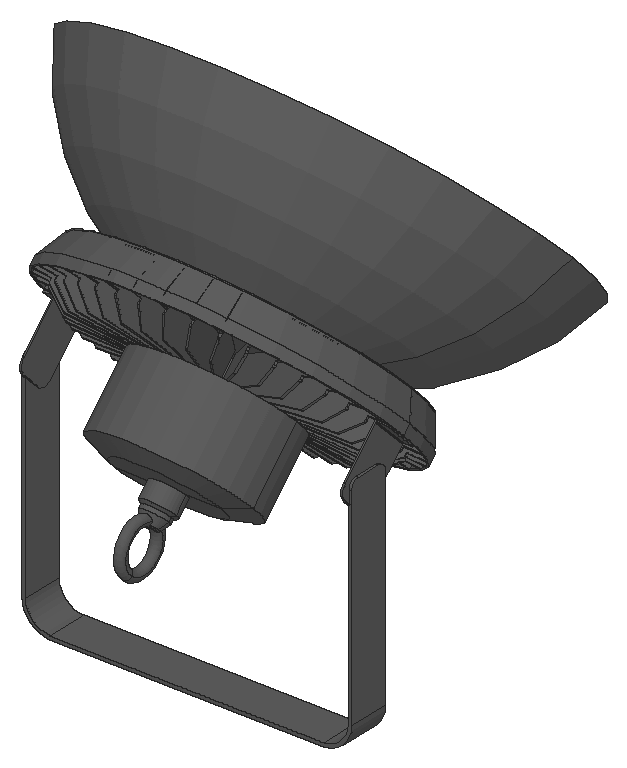
Revit family "0039363+0039354+0039357 Sylvania Lighting Fixture START HighBay IP65 DALI 19000lm 840 MB with BRACKET and ALU SHADE BLACK COLOR FOR 13 19KLM", category Lighting Fixtures, host Face, Revit 2016
Family settings
  Host = Face
  Part Type = Normal
  Round Connector Dimension = Use Diameter
  OmniClass Number = 23.80.70.00
  OmniClass Title = Lighting
  Cut with Voids When Loaded = No
  Light Source = No
  Shared = No
  Room Calculation Point = No
Parameters (values of type "0039363+0039354+0039357  START HighBay IP65 DALI 19000lm 840 MB with BRACKET and ALU SHADE BLACK COLOR FOR 13/19KLM")
  Weight = "3.4 kg"
  Wattage Comments = ""
  WarrantyStartDate [instance] = "n/a"
  WarrantyGuarantorParts = "n/a"
  WarrantyDurationUnit = "n/a"
  WarrantyDurationParts = "n/a"
  WarrantyDescription = "n/a"
  Voltage = 0 V
  URL = "http://www.sylvania-lighting.com"
  TypeName = "START HighBay IP65 DALI 19000lm 840 MB with BRACKET and ALU SHADE BLACK COLOR FOR 13/19KLM"
  TypeHead_FEILO = Start LED Highbay DALI Head : 0039363+0039354+0039357 START HighBay IP65 DALI 19000lm 840 MB with BRACKET and ALU SHADE BLACK COLOR FOR 13/19KLM
  Type Image = <None>
  Type Comments = "n/a"
  TiltAngle_FEILO [instance] = 45.00°
  ThicknessBracketPlate_FEILO = 3 mm
  SizeBracketS_FEILO = no
  SizeBracketM_FEILO = yes
  SerialNumber [instance] = "n/a"
  RadiusBracketTop_FEILO = 7 mm
  RadiusBendOut_FEILO = if(SizeBracketS_FEILO, 18 mm, if(SizeBracketM_FEILO, 24 mm, 28 mm))  # 24 mm
  RadiusBendIn_FEILO = RadiusBendOut_FEILO - ThicknessBracketPlate_FEILO  # 21 mm
  Material_3_FEILO = none
  PowerFactor = 0.95
  PowerConsumption = "150 W"
  NominalLength = 296 mm
  NominalHeight = 172 mm
  NominalDepth = 296 mm
  Name = "START HighBay IP65 DALI 19000lm 840 MB with BRACKET and ALU SHADE BLACK COLOR FOR 13/19KLM"
  ModelReference = Name  # "START HighBay IP65 DALI 19000lm 840 MB with BRACKET and ALU SHADE BLACK COLOR FOR 13/19KLM"
  ModelNumber = "0039363+0039354+0039357"
  Model = Name  # "START HighBay IP65 DALI 19000lm 840 MB with BRACKET and ALU SHADE BLACK COLOR FOR 13/19KLM"
  Material = "aluminium alloy housing, polycarbonate diffuser"
  ManufacturerName = "Feilo Sylvania"
  Manufacturer = "Feilo Sylvania"
  LuminousEfficacy = "130 lm/W"
  LuminaireType = ""
  LightOutputRatio = "n/a"
  LampsType = Lamp  # "LED"
  LampNominalLuminous = "19500 lm"
  LampMacAdamStep = "6"
  LampColourTemperature = "4000 K"
  LampColourRenderingIndex = "80"
  Lamp = "LED"
  Keynote = "16500"
  InstallationDate [instance] = "n/a"
  InputVoltage = "n/a"
  InputNominalFrequency = "50/60 Hz"
  IngressProtection = "IP65"
  ImpactProtectionIndex = "IK08"
  IfcExportType = "IfcLightFixtureType"
  IfcExportAs = "IfcLightFixtureType"
  ExpectedLife = 50000
  EndAngle_FEILO [instance] = TiltAngle_FEILO + 180.00°  # 225.00°
  ElectricShockClassification = "Class I"
  DurationUnit = "hours"
  DocumentationLiterature = "http://www.sylvania-lighting.com/product/en-int/products/0039363"
  DimmingControlOptions = "Dimmable"
  Material_2_FEILO = none
  Description = "START Highbay, includes 1 m cables, black aluminium housing, 19,500 Lm, 150 W, 130 Lm/W, 4000 K, drive current: 3300 mA, CRI 80, 60° beam angle, DALI dimmable, IP65, IK08, 50,000 hrs (L80/B50), (D x H) 296 x 172 mm."
  Default Elevation = 1219.2 mm
  CreatedOn = "5/15/2018"
  CreatedBy = "aron.fodor@sylvania-lighting.com"
  Cost = 0
  built-in parameter 1114216 [instance] = (empty or 0)
  ClassificationValue = "EF_70_80"
  ClassificationName = "Uniclass2015"
  Material_1_FEILO = Body-Sylvania-StartHighbay-Black
  BracketHeight_FEILO = if(SizeBracketS_FEILO, 199.5 mm, if(SizeBracketM_FEILO, 209.6 mm, 201.3 mm))  # 209.6 mm
  BracketDistanceInner_FEILO = if(SizeBracketS_FEILO, 249.4 mm, if(SizeBracketM_FEILO, 273.6 mm, 313.2 mm))  # 273.6 mm
  BarCode [instance] = "n/a"
  AssetType = "Fixed"
  AssetIdentifier [instance] = "n/a"
  Assembly Code = "D5020200"
  Apparent Load = 150 VA
  Material_4_FEILO = none
Reference planes
  plane 1 "Center (Front/Back)": y = 0
  plane 2: z = 0
  plane 3 "Center (Left/Right)": x = 0
  plane 4: x = -139.8
  plane 5: x = 139.8
  plane 6: z = 209.6
  plane 7: x = -136.8
  plane 8: z = 3
  plane 9: x = 136.8
  plane 10: y = 17.5
  plane 11: y = -17.5
  plane 12: y = -19.5
  plane 13: z = 211.6
  plane 14: y = 19.5
  plane 15: z = 200.6
Forms (mm)
  Extrusion 1, solid, material "Body-Sylvania-StartHighbay-Black" <- "Material_1_FEILO"
    sketch origin (0, 0, 0) x (1, 0, 0) y (0, 0, 1)
      loop
        line (-139.8, 209.6) -> (-139.8, 24)
        arc (-139.8, 24) -> (-132.771, 7.029) -> (-115.8, 0) r 24
        line (-115.8, 0) -> (115.8, 0)
        arc (115.8, 0) -> (132.771, 7.029) -> (139.8, 24) r 24
        line (139.8, 24) -> (139.8, 209.6) -> (136.8, 209.6) -> (136.8, 24)
        arc (136.8, 24) -> (130.649, 9.151) -> (115.8, 3) r 21
        line (115.8, 3) -> (-115.8, 3)
        arc (-115.8, 3) -> (-130.649, 9.151) -> (-136.8, 24) r 21
        line (-136.8, 24) -> (-136.8, 209.6) -> (-139.8, 209.6)
    from -17.5 to 17.5
  Extrusion 2, void
    sketch origin (0, 0, 0) x (0, 1, 0) y (0, 0, 1)
      loop
        arc (10.5, 209.6) -> (15.45, 207.55) -> (17.5, 202.6) r 7
        line (17.5, 202.6) -> (19.5, 202.6) -> (19.5, 211.6) -> (-19.5, 211.6) -> (-19.5, 202.6) -> (-17.5, 202.6)
        arc (-17.5, 202.6) -> (-15.45, 207.55) -> (-10.5, 209.6) r 7
        line (-10.5, 209.6) -> (10.5, 209.6)
    from -139.8 to 139.8
  Revolve 3, solid, not visible
    sketch origin (1223.4, -4572, 200.6) x (0, -1, 0) y (1, 0, 0)
      loop
        line (-4572, -1223.4) -> (-4591.5, -1223.4) -> (-4591.5, -1277.783) -> (-4572, -1277.783) -> (-4572, -1223.4)
      axis (-4572, -1223.4) -> (-4572, -1277.783)
    angle from 45 <- "TiltAngle_FEILO" to 225 <- "EndAngle_FEILO"
Cuts and joins
  Extrusion 2 cuts Extrusion 1
Dimensions and locks
  "BracketHeight_FEILO": plane 6 to plane 2
  equal spacing: plane 11, plane 1 "Center (Front/Back)", plane 10
  locked: plane 11 to plane 10 at 35
  equal spacing: plane 9, plane 3 "Center (Left/Right)", plane 7
  "BracketDistanceInner_FEILO": plane 9 to plane 7
  "ThicknessBracketPlate_FEILO": plane 7 to plane 4
  "ThicknessBracketPlate_FEILO": plane 8 to plane 2
  equal spacing: plane 5, plane 3 "Center (Left/Right)", plane 4
  equal spacing: plane 12, plane 1 "Center (Front/Back)", plane 14
  locked: plane 6 to plane 13 at 2
  locked: plane 12 to plane 11 at 2
  locked: plane 6 to plane 15 at 9
  "RadiusBendOut_FEILO": radius of Extrusion 1 sketch curve  (x2)
  "RadiusBendIn_FEILO": radius of Extrusion 1 sketch curve  (x2)
  "RadiusBracketTop_FEILO": radius of Extrusion 2 sketch curve  (x2)
  aligned and locked: plane 2 to host face
  aligned and locked: level to host face
  aligned and locked: Extrusion 1 sketch curve to plane 4
  aligned and locked: Extrusion 1 sketch curve to level
  aligned and locked: plane 6 to Extrusion 1 sketch curve
  aligned and locked: Extrusion 1 sketch curve to plane 6
  aligned and locked: Extrusion 1 sketch curve to plane 7
  aligned and locked: plane 9 to Extrusion 1 sketch curve
  aligned and locked: plane 8 to Extrusion 1 sketch curve
  aligned and locked: Extrusion 1 to plane 10
  aligned and locked: plane 11 to Extrusion 1
  aligned and locked: Extrusion 1 to Extrusion 2 sketch curve
  aligned and locked: plane 14 to Extrusion 2 sketch curve  (x2)
  aligned and locked: Extrusion 2 sketch curve to plane 12
  aligned and locked: plane 13 to Extrusion 2 sketch curve
  aligned and locked: plane 5 to Extrusion 2
  aligned and locked: Extrusion 2 to plane 4
  aligned and locked: Revolve 3 sketch curve to plane 1 "Center (Front/Back)"
  aligned and locked: Revolve 3 sketch curve to Revolve 3 sketch curve
  aligned and locked: plane 3 "Center (Left/Right)" to Revolve 3 sketch curve
  aligned and locked: Revolve 3 sketch curve to plane 14
  aligned and locked: nested 1 to plane 3 "Center (Left/Right)"
Automatic sketch dimensions
  host sketch curve to host sketch curve = 2438.4 mm  (x2)
  Revolve 3 sketch curve to Revolve 3 sketch curve = 54.383 mm
  Revolve 3 sketch curve to plane 4 = 1396.3 mm
  plane 5 to Revolve 3 sketch curve = 1396.3 mm
  Extrusion 1 sketch curve to Extrusion 1 sketch curve = 0 mm
  Extrusion 2 sketch curve to plane 11 = 0 mm
  Extrusion 2 sketch curve to plane 10 = 0 mm
Nested families
  nested 1: "Start LED Highbay DALI Head" at (0, 0, 200.6) x (-1, 0, 0) z (0, 0.7071, 0.7071), type <- "TypeHead_FEILO", type "0039363+0039354+0039357 START HighBay IP65 DALI 19000lm 840 MB with BRACKET and ALU SHADE BLACK COLOR FOR 13/19KLM"
    with built-in parameter 1114216 (empty or 0)
Connectors
  electrical at (0, 0, 0), driven by "Apparent Load", driven by "PowerFactor", driven by "Voltage"
    settings: index 1, voltage 0 V, apparent load 150 VA, apparent load phase1 0 VA, apparent load phase2 0 VA, apparent load phase3 0 VA, power factor 0.95, load classification "Lighting", number of poles 1, system type 30, power factor state 1, is connector primary yes, connector utility no, sub classification motor no, connector description ""
Definition of nested family "Start LED Highbay DALI Head"
  Parameters (values of type "0039367+0039355+0039361 START HighBay IP65 DALI 26000lm 840 WB with BRACKET and PC LAMPSHADE TRANSPARENT FOR 26KLM")
    X_FEILO = if(SizeS_FEILO, 60.3 mm, if(SizeM_FEILO, 70.4 mm, 83.5 mm))  # 83.5 mm
    WidthStraight_FEILO = if(SizeS_FEILO, 3 mm, if(SizeM_FEILO, 4 mm, 4.7 mm))  # 4.7 mm
    WidthRingChamfer_FEILO = if(SizeS_FEILO, 10.3 mm, if(SizeM_FEILO, 11.2 mm, 12.9 mm))  # 12.9 mm
    WidthCurved_FEILO = if(SizeS_FEILO, 17.4 mm, if(SizeM_FEILO, 16.4 mm, 26.2 mm))  # 26.2 mm
    WidthCurvedRing_FEILO = if(SizeS_FEILO, 3 mm, if(SizeM_FEILO, 4 mm, 4.7 mm))  # 4.7 mm
    WidthBracket_FEILO = 40 mm
    Wattage Comments = ""
    Wattage = 190 W
    built-in parameter 1150110 = 1 (stored number, unit not read)
    URL = "http://www.sylvania-lighting.com"
    Type Image = (empty or 0)
    Type Comments = "n/a"
    built-in parameter 1114217 = 1 (stored number, unit not read)
    Tilt Angle = -90.00°
    ThicknessWall_FEILO = 1.5 mm
    ThicknessBracket_FEILO = 1.5 mm
    ThicknessBracketHalf_FEILO = ThicknessBracket_FEILO / 2  # 0.75 mm
    built-in parameter 1150109 = 1 (stored number, unit not read)
    built-in parameter 1150134 = 1
    built-in parameter 1150113 = 1 (stored number, unit not read)
    SizeS_FEILO = no
    SizeM_FEILO = no
    ShadeThickness_FEILO = 3 mm
    ShadeSizeSM_FEILO = or(SizeS_FEILO, SizeM_FEILO)  # no
    ShadeRadiusOut_FEILO = 205 mm
    ShadeRadiusIn_FEILO = if(ShadeSizeSM_FEILO, 95 mm, 121 mm)  # 121 mm
    ShadeRadiusBend_FEILO = if(ShadeSizeSM_FEILO, 210 mm, 210 mm)  # 210 mm
    ShadeOn_FEILO = yes
    ShadeHeight_FEILO = if(ShadeSizeSM_FEILO, 120 mm, 151 mm)  # 151 mm
    Rib4_FEILO = if(SizeS_FEILO, 18.1 mm, if(SizeM_FEILO, 13.6 mm, 14.6 mm))  # 14.6 mm
    Rib3_FEILO = if(SizeS_FEILO, 15.3 mm, if(SizeM_FEILO, 17.6 mm, 20.2 mm))  # 20.2 mm
    Rib2_FEILO = if(SizeS_FEILO, 3.6 mm, if(SizeM_FEILO, 3.9 mm, 4.5 mm))  # 4.5 mm
    Rib1_FEILO = if(SizeS_FEILO, 15.1 mm, if(SizeM_FEILO, 16.5 mm, 19 mm))  # 19 mm
    RadiusDiffuser_FEILO = if(SizeS_FEILO, 95.2 mm, if(SizeM_FEILO, 105.3 mm, 120 mm))  # 120 mm
    RadiusArrayPost_FEILO = DriverRadius_FEILO - 6 mm  # 70.4 mm
    RHRadius3_FEILO = if(SizeS_FEILO, 6.6 mm, if(SizeM_FEILO, 7.4 mm, 8.6 mm))  # 8.6 mm
    RHRadius2_FEILO = if(SizeS_FEILO, 11 mm, if(SizeM_FEILO, 12 mm, 14 mm))  # 14 mm
    RHRadius1_FEILO = if(SizeS_FEILO, 13.6 mm, if(SizeM_FEILO, 14.9 mm, 17.7 mm))  # 17.7 mm
    RHHeight4_FEILO = if(SizeS_FEILO, 7.3 mm, if(SizeM_FEILO, 8 mm, 9.2 mm))  # 9.2 mm
    RHHeight3_FEILO = if(SizeS_FEILO, 3.6 mm, if(SizeM_FEILO, 3.7 mm, 4.6 mm))  # 4.6 mm
    RHHeight2_FEILO = if(SizeS_FEILO, 2 mm, if(SizeM_FEILO, 2.2 mm, 2.6 mm))  # 2.6 mm
    RHHeight1_FEILO = if(SizeS_FEILO, 11.8 mm, if(SizeM_FEILO, 15.3 mm, 17.4 mm))  # 17.4 mm
    Photometric Web File = "0039367+0039361.ies"
    Material_5_FEILO = none
    Material_3_FEILO = none
    Model = "START HighBay IP65 DALI 26000lm 840 WB with BRACKET and PC LAMPSHADE TRANSPARENT FOR 26KLM"
    Manufacturer = "Feilo Sylvania"
    built-in parameter 1150105 = 33385.3 (stored number, unit not read)
    Lumens = 24700 lm
    built-in parameter 1150115 = 1 (stored number, unit not read)
    built-in parameter 1150137 = (empty or 0)
    built-in parameter 1150139 = (empty or 0)
    built-in parameter 1150112 = 1 (stored number, unit not read)
    built-in parameter 1150114 = 1 (stored number, unit not read)
    Lamp = "LED"
    Keynote = "16500"
    built-in parameter 1150132 = (empty or 0)
    built-in parameter 1150102 = (empty or 0)
    built-in parameter 1150107 = 6500 (stored number, unit not read)
    built-in parameter 1150138 = (empty or 0)
    built-in parameter 1150106 = 333.85 (stored number, unit not read)
    HeightRing_FEILO = if(SizeS_FEILO, 19.8 mm, if(SizeM_FEILO, 32 mm, 36.8 mm))  # 36.8 mm
    HeightRingChamfer_FEILO = if(SizeS_FEILO, 11.7 mm, if(SizeM_FEILO, 23.2 mm, 26.6 mm))  # 26.6 mm
    EyeThickness_FEILO = if(SizeS_FEILO, 8.4 mm, if(SizeM_FEILO, 9.2 mm, 10.5 mm))  # 10.5 mm
    EyeThicknessHalf_FEILO = EyeThickness_FEILO / 2  # 5.25 mm
    EyeInner_FEILO = if(SizeS_FEILO, 13.8 mm, if(SizeM_FEILO, 15.1 mm, 17.3 mm))  # 17.3 mm
    Emit from Circle Diameter = RadiusDiffuser_FEILO * 2  # 240 mm
    Emit Shape Visible in Rendering = no
    built-in parameter 1150104 = 12.077 (stored number, unit not read)
    DriverVerticalStraight_FEILO = if(SizeS_FEILO, 46.5 mm, if(SizeM_FEILO, 49.7 mm, 57 mm))  # 57 mm
    DriverVerticalChamfer_FEILO = if(SizeS_FEILO, 7.5 mm, if(SizeM_FEILO, 8.2 mm, 9.5 mm))  # 9.5 mm
    DriverRadius_FEILO = if(SizeS_FEILO, 61.4 mm, if(SizeM_FEILO, 67.2 mm, 76.4 mm))  # 76.4 mm
    DriverRadiusTop_FEILO = if(SizeS_FEILO, 42 mm, if(SizeM_FEILO, 45.3 mm, 52.4 mm))  # 52.4 mm
    DriverBottom_FEILO = if(SizeS_FEILO, 56 mm, if(SizeM_FEILO, 64.5 mm, 74 mm))  # 74 mm
    Material_2_FEILO = none
    Radius_FEILO = if(SizeS_FEILO, 135 mm, if(SizeM_FEILO, 148 mm, 169.5 mm))  # 169.5 mm
    Dimming Lamp Color Temperature Shift = (empty or 0)
    DiameterWire_FEILO = 3 mm
    DiameterWireSupport_FEILO = 10 mm
    Description = "START Highbay, includes 1 m cables, black aluminium housing, 24,700 Lm, 190 W, 130 Lm/W, 6500 K, drive current: 4100 mA, CRI 80, 90° beam angle, DALI dimmable, IP65, IK08, 50,000 hrs (L80/B50), (D x H) 339 x 189 mm."
    Default Elevation = 1219.2 mm
    Cost = 0
    Color Filter = 16777215
    built-in parameter 1114216 [instance] = (empty or 0)
    Material_1_FEILO = none
    built-in parameter 1114218 = 1 (stored number, unit not read)
    built-in parameter 1150133 = 10 (stored number, unit not read)
    Assembly Code = "D5020200"
    Apparent Load = 190 VA
    Material_4_FEILO = none
  Types (24, lengths in mm): name | X_FEILO | WidthStraight_FEILO | WidthRingChamfer_FEILO | WidthCurved_FEILO | WidthCurvedRing_FEILO | Wattage | built-in parameter 1150134 | SizeS_FEILO | SizeM_FEILO | ShadeSizeSM_FEILO | ShadeRadiusIn_FEILO | ShadeOn_FEILO | ShadeHeight_FEILO | Rib4_FEILO | Rib3_FEILO | Rib2_FEILO | Rib1_FEILO | RadiusDiffuser_FEILO | RadiusArrayPost_FEILO | RHRadius3_FEILO | RHRadius2_FEILO | RHRadius1_FEILO | RHHeight4_FEILO | RHHeight3_FEILO | RHHeight2_FEILO | RHHeight1_FEILO | Photometric Web File | Model | built-in parameter 1150105 | Lumens | built-in parameter 1150107 | built-in parameter 1150106 | HeightRing_FEILO | HeightRingChamfer_FEILO | EyeThickness_FEILO | EyeThicknessHalf_FEILO | EyeInner_FEILO | Emit from Circle Diameter | DriverVerticalStraight_FEILO | DriverVerticalChamfer_FEILO | DriverRadius_FEILO | DriverRadiusTop_FEILO | DriverBottom_FEILO | Radius_FEILO | Description | Apparent Load
    0039367+0039355+0039361 START HighBay IP65 DALI 26000lm 840 WB with BRACKET and PC LAMPSHADE TRANSPARENT FOR 26KLM | 83.5 | 4.7 | 12.9 | 26.2 | 4.7 | 190 W | 1 | no | no | no | 121 | yes | 151 | 14.6 | 20.2 | 4.5 | 19 | 120 | 70.4 | 8.6 | 14 | 17.7 | 9.2 | 4.6 | 2.6 | 17.4 | "0039367+0039361.ies" | "START HighBay IP65 DALI 26000lm 840 WB with BRACKET and PC LAMPSHADE TRANSPARENT FOR 26KLM" | 33385.3 (stored number, unit not read) | 24700 lm | 6500 (stored number, unit not read) | 333.85 (stored number, unit not read) | 36.8 | 26.6 | 10.5 | 5.25 | 17.3 | 240 | 57 | 9.5 | 76.4 | 52.4 | 74 | 169.5 | "START Highbay, includes 1 m cables, black aluminium housing, 24,700 Lm, 190 W, 130 Lm/W, 6500 K, drive current: 4100 mA, CRI 80, 90° beam angle, DALI dimmable, IP65, IK08, 50,000 hrs (L80/B50), (D x H) 339 x 189 mm." | 190 VA
    0039367+0039355+0039360 START HighBay IP65 DALI 26000lm 840 WB with BRACKET and ALU SHADE BLACK COLOR FOR 26KLM | 83.5 | 4.7 | 12.9 | 26.2 | 4.7 | 190 W | 1 | no | no | no | 121 | yes | 151 | 14.6 | 20.2 | 4.5 | 19 | 120 | 70.4 | 8.6 | 14 | 17.7 | 9.2 | 4.6 | 2.6 | 17.4 | "0039367+0039360.ies" | "START HighBay IP65 DALI 26000lm 840 WB with BRACKET and ALU SHADE BLACK COLOR FOR 26KLM" | 33569.2 (stored number, unit not read) | 24700 lm | 6500 (stored number, unit not read) | 335.69 (stored number, unit not read) | 36.8 | 26.6 | 10.5 | 5.25 | 17.3 | 240 | 57 | 9.5 | 76.4 | 52.4 | 74 | 169.5 | "START Highbay, includes 1 m cables, black aluminium housing, 24,700 Lm, 190 W, 130 Lm/W, 6500 K, drive current: 4100 mA, CRI 80, 90° beam angle, DALI dimmable, IP65, IK08, 50,000 hrs (L80/B50), (D x H) 339 x 189 mm." | 190 VA
    0039367+0039355+0039359 START HighBay IP65 DALI 26000lm 840 WB with BRACKET and ALU SHADE ALU COLOR FOR 26KLM | 83.5 | 4.7 | 12.9 | 26.2 | 4.7 | 190 W | 1 | no | no | no | 121 | yes | 151 | 14.6 | 20.2 | 4.5 | 19 | 120 | 70.4 | 8.6 | 14 | 17.7 | 9.2 | 4.6 | 2.6 | 17.4 | "0039367+0039359.ies" | "START HighBay IP65 DALI 26000lm 840 WB with BRACKET and ALU SHADE ALU COLOR FOR 26KLM" | 33569.2 (stored number, unit not read) | 24700 lm | 6500 (stored number, unit not read) | 335.69 (stored number, unit not read) | 36.8 | 26.6 | 10.5 | 5.25 | 17.3 | 240 | 57 | 9.5 | 76.4 | 52.4 | 74 | 169.5 | "START Highbay, includes 1 m cables, black aluminium housing, 24,700 Lm, 190 W, 130 Lm/W, 6500 K, drive current: 4100 mA, CRI 80, 90° beam angle, DALI dimmable, IP65, IK08, 50,000 hrs (L80/B50), (D x H) 339 x 189 mm." | 190 VA
    0039367+0039355 START HighBay IP65 DALI 26000lm 840 WB with BRACKET | 83.5 | 4.7 | 12.9 | 26.2 | 4.7 | 190 W | 1 | no | no | no | 121 | no | 151 | 14.6 | 20.2 | 4.5 | 19 | 120 | 70.4 | 8.6 | 14 | 17.7 | 9.2 | 4.6 | 2.6 | 17.4 | "0039367.ies" | "START HighBay IP65 DALI 26000lm 840 WB with BRACKET" | 13532 (stored number, unit not read) | 24700 lm | 6500 (stored number, unit not read) | 135.32 (stored number, unit not read) | 36.8 | 26.6 | 10.5 | 5.25 | 17.3 | 240 | 57 | 9.5 | 76.4 | 52.4 | 74 | 169.5 | "START Highbay, includes 1 m cables, black aluminium housing, 24,700 Lm, 190 W, 130 Lm/W, 6500 K, drive current: 4100 mA, CRI 80, 90° beam angle, DALI dimmable, IP65, IK08, 50,000 hrs (L80/B50), (D x H) 339 x 189 mm." | 190 VA
    0039366+0039354+0039358 START HighBay IP65 DALI 19000lm 840 WB with BRACKET and PC LAMPSHADE TRANSPARENT 13/19KLM | 70.4 | 4 | 11.2 | 16.4 | 4 | 150 W | 1 | no | yes | yes | 95 | yes | 120 | 13.6 | 17.6 | 3.9 | 16.5 | 105.3 | 61.2 | 7.4 | 12 | 14.9 | 8 | 3.7 | 2.2 | 15.3 | "0039366+0039358.ies" | "START HighBay IP65 DALI 19000lm 840 WB with BRACKET and PC LAMPSHADE TRANSPARENT 13/19KLM" | 26356.9 (stored number, unit not read) | 19500 lm | 6500 (stored number, unit not read) | 263.57 (stored number, unit not read) | 32 | 23.2 | 9.2 | 4.6 | 15.1 | 210.6 | 49.7 | 8.2 | 67.2 | 45.3 | 64.5 | 148 | "START Highbay, includes 1 m cables, black aluminium housing, 19,500 Lm, 150 W, 130 Lm/W, 6500 K, drive current: 3300 mA, CRI 80, 90° beam angle, DALI dimmable, IP65, IK08, 50,000 hrs (L80/B50), (D x H) 296 x 172 mm." | 150 VA
    0039366+0039354+0039357 START HighBay IP65 DALI 19000lm 840 WB with BRACKET and ALU SHADE BLACK COLOR FOR 13/19KLM | 70.4 | 4 | 11.2 | 16.4 | 4 | 150 W | 1 | no | yes | yes | 95 | yes | 120 | 13.6 | 17.6 | 3.9 | 16.5 | 105.3 | 61.2 | 7.4 | 12 | 14.9 | 8 | 3.7 | 2.2 | 15.3 | "0039366+0039357.ies" | "START HighBay IP65 DALI 19000lm 840 WB with BRACKET and ALU SHADE BLACK COLOR FOR 13/19KLM" | 26502 (stored number, unit not read) | 19500 lm | 6500 (stored number, unit not read) | 265.02 (stored number, unit not read) | 32 | 23.2 | 9.2 | 4.6 | 15.1 | 210.6 | 49.7 | 8.2 | 67.2 | 45.3 | 64.5 | 148 | "START Highbay, includes 1 m cables, black aluminium housing, 19,500 Lm, 150 W, 130 Lm/W, 6500 K, drive current: 3300 mA, CRI 80, 90° beam angle, DALI dimmable, IP65, IK08, 50,000 hrs (L80/B50), (D x H) 296 x 172 mm." | 150 VA
    0039366+0039354+0039356 START HighBay IP65 DALI 19000lm 840 WB with BRACKET and ALU SHADE ALU COLOR FOR 13/19KLM | 70.4 | 4 | 11.2 | 16.4 | 4 | 150 W | 1 | no | yes | yes | 95 | yes | 120 | 13.6 | 17.6 | 3.9 | 16.5 | 105.3 | 61.2 | 7.4 | 12 | 14.9 | 8 | 3.7 | 2.2 | 15.3 | "0039366+0039356.ies" | "START HighBay IP65 DALI 19000lm 840 WB with BRACKET and ALU SHADE ALU COLOR FOR 13/19KLM" | 26502 (stored number, unit not read) | 19500 lm | 6500 (stored number, unit not read) | 265.02 (stored number, unit not read) | 32 | 23.2 | 9.2 | 4.6 | 15.1 | 210.6 | 49.7 | 8.2 | 67.2 | 45.3 | 64.5 | 148 | "START Highbay, includes 1 m cables, black aluminium housing, 19,500 Lm, 150 W, 130 Lm/W, 6500 K, drive current: 3300 mA, CRI 80, 90° beam angle, DALI dimmable, IP65, IK08, 50,000 hrs (L80/B50), (D x H) 296 x 172 mm." | 150 VA
    0039366+0039354 START HighBay IP65 DALI 19000lm 840 WB with BRACKET | 70.4 | 4 | 11.2 | 16.4 | 4 | 150 W | 1 | no | yes | yes | 95 | no | 120 | 13.6 | 17.6 | 3.9 | 16.5 | 105.3 | 61.2 | 7.4 | 12 | 14.9 | 8 | 3.7 | 2.2 | 15.3 | "0039366.ies" | "START HighBay IP65 DALI 19000lm 840 WB with BRACKET" | 10981.5 (stored number, unit not read) | 19500 lm | 6500 (stored number, unit not read) | 109.82 (stored number, unit not read) | 32 | 23.2 | 9.2 | 4.6 | 15.1 | 210.6 | 49.7 | 8.2 | 67.2 | 45.3 | 64.5 | 148 | "START Highbay, includes 1 m cables, black aluminium housing, 19,500 Lm, 150 W, 130 Lm/W, 6500 K, drive current: 3300 mA, CRI 80, 90° beam angle, DALI dimmable, IP65, IK08, 50,000 hrs (L80/B50), (D x H) 296 x 172 mm." | 150 VA
    0039365+0039353+0039358 START HighBay IP65 DALI 13000lm 840 WB with BRACKET and PC LAMPSHADE TRANSPARENT 13/19KLM | 60.3 | 3 | 10.3 | 17.4 | 3 | 90 W | 1 | yes | no | yes | 95 | yes | 120 | 18.1 | 15.3 | 3.6 | 15.1 | 95.2 | 55.4 | 6.6 | 11 | 13.6 | 7.3 | 3.6 | 2 | 11.8 | "0039365+0039358.ies" | "START HighBay IP65 DALI 13000lm 840 WB with BRACKET and PC LAMPSHADE TRANSPARENT 13/19KLM" | 15814.1 (stored number, unit not read) | 11700 lm | 6500 (stored number, unit not read) | 158.14 (stored number, unit not read) | 19.8 | 11.7 | 8.4 | 4.2 | 13.8 | 190.4 | 46.5 | 7.5 | 61.4 | 42 | 56 | 135 | "START Highbay, includes 1 m cables, black aluminium housing, 11,700 Lm, 90 W, 130 Lm/W, 6500 K, drive current: 2000 mA, CRI 80, 90° beam angle, DALI dimmable, IP65, IK08, 50,000 hrs (L80/B50), (D x H) 270 x 175 mm." | 90 VA
    0039365+0039353+0039357 START HighBay IP65 DALI 13000lm 840 WB with BRACKET and ALU SHADE BLACK COLOR FOR 13/19KLM | 60.3 | 3 | 10.3 | 17.4 | 3 | 90 W | 1 | yes | no | yes | 95 | yes | 120 | 18.1 | 15.3 | 3.6 | 15.1 | 95.2 | 55.4 | 6.6 | 11 | 13.6 | 7.3 | 3.6 | 2 | 11.8 | "0039365+0039357.ies" | "START HighBay IP65 DALI 13000lm 840 WB with BRACKET and ALU SHADE BLACK COLOR FOR 13/19KLM" | 15901.2 (stored number, unit not read) | 11700 lm | 6500 (stored number, unit not read) | 159.01 (stored number, unit not read) | 19.8 | 11.7 | 8.4 | 4.2 | 13.8 | 190.4 | 46.5 | 7.5 | 61.4 | 42 | 56 | 135 | "START Highbay, includes 1 m cables, black aluminium housing, 11,700 Lm, 90 W, 130 Lm/W, 6500 K, drive current: 2000 mA, CRI 80, 90° beam angle, DALI dimmable, IP65, IK08, 50,000 hrs (L80/B50), (D x H) 270 x 175 mm." | 90 VA
    0039365+0039353+0039356 START HighBay IP65 DALI 13000lm 840 WB with BRACKET and ALU SHADE ALU COLOR FOR 13/19KLM | 60.3 | 3 | 10.3 | 17.4 | 3 | 90 W | 1 | yes | no | yes | 95 | yes | 120 | 18.1 | 15.3 | 3.6 | 15.1 | 95.2 | 55.4 | 6.6 | 11 | 13.6 | 7.3 | 3.6 | 2 | 11.8 | "0039365+0039356.ies" | "START HighBay IP65 DALI 13000lm 840 WB with BRACKET and ALU SHADE ALU COLOR FOR 13/19KLM" | 15901.2 (stored number, unit not read) | 11700 lm | 6500 (stored number, unit not read) | 159.01 (stored number, unit not read) | 19.8 | 11.7 | 8.4 | 4.2 | 13.8 | 190.4 | 46.5 | 7.5 | 61.4 | 42 | 56 | 135 | "START Highbay, includes 1 m cables, black aluminium housing, 11,700 Lm, 90 W, 130 Lm/W, 6500 K, drive current: 2000 mA, CRI 80, 90° beam angle, DALI dimmable, IP65, IK08, 50,000 hrs (L80/B50), (D x H) 270 x 175 mm." | 90 VA
    0039365+0039353 START HighBay IP65 DALI 13000lm 840 WB with BRACKET | 60.3 | 3 | 10.3 | 17.4 | 3 | 90 W | 1 | yes | no | yes | 95 | no | 120 | 18.1 | 15.3 | 3.6 | 15.1 | 95.2 | 55.4 | 6.6 | 11 | 13.6 | 7.3 | 3.6 | 2 | 11.8 | "0039365.ies" | "START HighBay IP65 DALI 13000lm 840 WB with BRACKET" | 6365.5 (stored number, unit not read) | 11700 lm | 6500 (stored number, unit not read) | 63.655 (stored number, unit not read) | 19.8 | 11.7 | 8.4 | 4.2 | 13.8 | 190.4 | 46.5 | 7.5 | 61.4 | 42 | 56 | 135 | "START Highbay, includes 1 m cables, black aluminium housing, 11,700 Lm, 90 W, 130 Lm/W, 6500 K, drive current: 2000 mA, CRI 80, 90° beam angle, DALI dimmable, IP65, IK08, 50,000 hrs (L80/B50), (D x H) 270 x 175 mm." | 90 VA
    0039364+0039355+0039361 START HighBay IP65 DALI 26000lm 840 MB with BRACKET and PC LAMPSHADE TRANSPARENT FOR 26KLM | 83.5 | 4.7 | 12.9 | 26.2 | 4.7 | 190 W | 12 | no | no | no | 121 | yes | 151 | 14.6 | 20.2 | 4.5 | 19 | 120 | 70.4 | 8.6 | 14 | 17.7 | 9.2 | 4.6 | 2.6 | 17.4 | "0039364+0039361.ies" | "START HighBay IP65 DALI 26000lm 840 MB with BRACKET and PC LAMPSHADE TRANSPARENT FOR 26KLM" | 33385.3 (stored number, unit not read) | 24700 lm | 4000 (stored number, unit not read) | 333.85 (stored number, unit not read) | 36.8 | 26.6 | 10.5 | 5.25 | 17.3 | 240 | 57 | 9.5 | 76.4 | 52.4 | 74 | 169.5 | "START Highbay, includes 1 m cables, black aluminium housing, 24,700 Lm, 190 W, 130 Lm/W, 4000 K, drive current: 4100 mA, CRI 80, 60° beam angle, DALI dimmable, IP65, IK08, 50,000 hrs (L80/B50), (D x H) 339 x 189 mm." | 190 VA
    0039364+0039355+0039360 START HighBay IP65 DALI 26000lm 840 MB with BRACKET and ALU SHADE BLACK COLOR FOR 26KLM | 83.5 | 4.7 | 12.9 | 26.2 | 4.7 | 190 W | 12 | no | no | no | 121 | yes | 151 | 14.6 | 20.2 | 4.5 | 19 | 120 | 70.4 | 8.6 | 14 | 17.7 | 9.2 | 4.6 | 2.6 | 17.4 | "0039364+0039360.ies" | "START HighBay IP65 DALI 26000lm 840 MB with BRACKET and ALU SHADE BLACK COLOR FOR 26KLM" | 33569.2 (stored number, unit not read) | 24700 lm | 4000 (stored number, unit not read) | 335.69 (stored number, unit not read) | 36.8 | 26.6 | 10.5 | 5.25 | 17.3 | 240 | 57 | 9.5 | 76.4 | 52.4 | 74 | 169.5 | "START Highbay, includes 1 m cables, black aluminium housing, 24,700 Lm, 190 W, 130 Lm/W, 4000 K, drive current: 4100 mA, CRI 80, 60° beam angle, DALI dimmable, IP65, IK08, 50,000 hrs (L80/B50), (D x H) 339 x 189 mm." | 190 VA
    0039364+0039355+0039359 START HighBay IP65 DALI 26000lm 840 MB with BRACKET and ALU SHADE ALU COLOR FOR 26KLM | 83.5 | 4.7 | 12.9 | 26.2 | 4.7 | 190 W | 12 | no | no | no | 121 | yes | 151 | 14.6 | 20.2 | 4.5 | 19 | 120 | 70.4 | 8.6 | 14 | 17.7 | 9.2 | 4.6 | 2.6 | 17.4 | "0039364+0039359.ies" | "START HighBay IP65 DALI 26000lm 840 MB with BRACKET and ALU SHADE ALU COLOR FOR 26KLM" | 33569.2 (stored number, unit not read) | 24700 lm | 4000 (stored number, unit not read) | 335.69 (stored number, unit not read) | 36.8 | 26.6 | 10.5 | 5.25 | 17.3 | 240 | 57 | 9.5 | 76.4 | 52.4 | 74 | 169.5 | "START Highbay, includes 1 m cables, black aluminium housing, 24,700 Lm, 190 W, 130 Lm/W, 4000 K, drive current: 4100 mA, CRI 80, 60° beam angle, DALI dimmable, IP65, IK08, 50,000 hrs (L80/B50), (D x H) 339 x 189 mm." | 190 VA
    0039364+0039355 START HighBay IP65 DALI 26000lm 840 MB with BRACKET | 83.5 | 4.7 | 12.9 | 26.2 | 4.7 | 190 W | 12 | no | no | no | 121 | no | 151 | 14.6 | 20.2 | 4.5 | 19 | 120 | 70.4 | 8.6 | 14 | 17.7 | 9.2 | 4.6 | 2.6 | 17.4 | "0039364.ies" | "START HighBay IP65 DALI 26000lm 840 MB with BRACKET" | 26901.8 (stored number, unit not read) | 24700 lm | 4000 (stored number, unit not read) | 269.02 (stored number, unit not read) | 36.8 | 26.6 | 10.5 | 5.25 | 17.3 | 240 | 57 | 9.5 | 76.4 | 52.4 | 74 | 169.5 | "START Highbay, includes 1 m cables, black aluminium housing, 24,700 Lm, 190 W, 130 Lm/W, 4000 K, drive current: 4100 mA, CRI 80, 60° beam angle, DALI dimmable, IP65, IK08, 50,000 hrs (L80/B50), (D x H) 339 x 189 mm." | 190 VA
    0039363+0039354+0039358 START HighBay IP65 DALI 19000lm 840 MB with BRACKET and PC LAMPSHADE TRANSPARENT 13/19KLM | 70.4 | 4 | 11.2 | 16.4 | 4 | 150 W | 12 | no | yes | yes | 95 | yes | 120 | 13.6 | 17.6 | 3.9 | 16.5 | 105.3 | 61.2 | 7.4 | 12 | 14.9 | 8 | 3.7 | 2.2 | 15.3 | "0039363+0039358.ies" | "START HighBay IP65 DALI 19000lm 840 MB with BRACKET and PC LAMPSHADE TRANSPARENT 13/19KLM" | 26356.9 (stored number, unit not read) | 19500 lm | 4000 (stored number, unit not read) | 263.57 (stored number, unit not read) | 32 | 23.2 | 9.2 | 4.6 | 15.1 | 210.6 | 49.7 | 8.2 | 67.2 | 45.3 | 64.5 | 148 | "START Highbay, includes 1 m cables, black aluminium housing, 19,500 Lm, 150 W, 130 Lm/W, 4000 K, drive current: 3300 mA, CRI 80, 60° beam angle, DALI dimmable, IP65, IK08, 50,000 hrs (L80/B50), (D x H) 296 x 172 mm." | 150 VA
    0039363+0039354+0039357 START HighBay IP65 DALI 19000lm 840 MB with BRACKET and ALU SHADE BLACK COLOR FOR 13/19KLM | 70.4 | 4 | 11.2 | 16.4 | 4 | 150 W | 12 | no | yes | yes | 95 | yes | 120 | 13.6 | 17.6 | 3.9 | 16.5 | 105.3 | 61.2 | 7.4 | 12 | 14.9 | 8 | 3.7 | 2.2 | 15.3 | "0039363+0039357.ies" | "START HighBay IP65 DALI 19000lm 840 MB with BRACKET and ALU SHADE BLACK COLOR FOR 13/19KLM" | 26502 (stored number, unit not read) | 19500 lm | 4000 (stored number, unit not read) | 265.02 (stored number, unit not read) | 32 | 23.2 | 9.2 | 4.6 | 15.1 | 210.6 | 49.7 | 8.2 | 67.2 | 45.3 | 64.5 | 148 | "START Highbay, includes 1 m cables, black aluminium housing, 19,500 Lm, 150 W, 130 Lm/W, 4000 K, drive current: 3300 mA, CRI 80, 60° beam angle, DALI dimmable, IP65, IK08, 50,000 hrs (L80/B50), (D x H) 296 x 172 mm." | 150 VA
    0039363+0039354+0039356 START HighBay IP65 DALI 19000lm 840 MB with BRACKET and ALU SHADE ALU COLOR FOR 13/19KLM | 70.4 | 4 | 11.2 | 16.4 | 4 | 150 W | 12 | no | yes | yes | 95 | yes | 120 | 13.6 | 17.6 | 3.9 | 16.5 | 105.3 | 61.2 | 7.4 | 12 | 14.9 | 8 | 3.7 | 2.2 | 15.3 | "0039363+0039356.ies" | "START HighBay IP65 DALI 19000lm 840 MB with BRACKET and ALU SHADE ALU COLOR FOR 13/19KLM" | 26502 (stored number, unit not read) | 19500 lm | 4000 (stored number, unit not read) | 265.02 (stored number, unit not read) | 32 | 23.2 | 9.2 | 4.6 | 15.1 | 210.6 | 49.7 | 8.2 | 67.2 | 45.3 | 64.5 | 148 | "START Highbay, includes 1 m cables, black aluminium housing, 19,500 Lm, 150 W, 130 Lm/W, 4000 K, drive current: 3300 mA, CRI 80, 60° beam angle, DALI dimmable, IP65, IK08, 50,000 hrs (L80/B50), (D x H) 296 x 172 mm." | 150 VA
    0039363+0039354 START HighBay IP65 DALI 19000lm 840 MB with BRACKET | 70.4 | 4 | 11.2 | 16.4 | 4 | 150 W | 12 | no | yes | yes | 95 | no | 120 | 13.6 | 17.6 | 3.9 | 16.5 | 105.3 | 61.2 | 7.4 | 12 | 14.9 | 8 | 3.7 | 2.2 | 15.3 | "0039363.ies" | "START HighBay IP65 DALI 19000lm 840 MB with BRACKET" | 22125.4 (stored number, unit not read) | 19500 lm | 4000 (stored number, unit not read) | 221.25 (stored number, unit not read) | 32 | 23.2 | 9.2 | 4.6 | 15.1 | 210.6 | 49.7 | 8.2 | 67.2 | 45.3 | 64.5 | 148 | "START Highbay, includes 1 m cables, black aluminium housing, 19,500 Lm, 150 W, 130 Lm/W, 4000 K, drive current: 3300 mA, CRI 80, 60° beam angle, DALI dimmable, IP65, IK08, 50,000 hrs (L80/B50), (D x H) 296 x 172 mm." | 150 VA
    0039362+0039353+0039358 START HighBay IP65 DALI 13000lm 840 MB with BRACKET and PC LAMPSHADE TRANSPARENT 13/19KLM | 60.3 | 3 | 10.3 | 17.4 | 3 | 90 W | 12 | yes | no | yes | 95 | yes | 120 | 18.1 | 15.3 | 3.6 | 15.1 | 95.2 | 55.4 | 6.6 | 11 | 13.6 | 7.3 | 3.6 | 2 | 11.8 | "0039362+0039358.ies" | "START HighBay IP65 DALI 13000lm 840 MB with BRACKET and PC LAMPSHADE TRANSPARENT 13/19KLM" | 15814.1 (stored number, unit not read) | 11700 lm | 4000 (stored number, unit not read) | 158.14 (stored number, unit not read) | 19.8 | 11.7 | 8.4 | 4.2 | 13.8 | 190.4 | 46.5 | 7.5 | 61.4 | 42 | 56 | 135 | "START Highbay, includes 1 m cables, black aluminium housing, 11,700 Lm, 90 W, 130 Lm/W, 4000 K, drive current: 2000 mA, CRI 80, 60° beam angle, DALI dimmable, IP65, IK08, 50,000 hrs (L80/B50), (D x H) 270 x 175 mm." | 90 VA
    0039362+0039353+0039357 START HighBay IP65 DALI 13000lm 840 MB with BRACKET and ALU SHADE BLACK COLOR FOR 13/19KLM | 60.3 | 3 | 10.3 | 17.4 | 3 | 90 W | 12 | yes | no | yes | 95 | yes | 120 | 18.1 | 15.3 | 3.6 | 15.1 | 95.2 | 55.4 | 6.6 | 11 | 13.6 | 7.3 | 3.6 | 2 | 11.8 | "0039362+0039357.ies" | "START HighBay IP65 DALI 13000lm 840 MB with BRACKET and ALU SHADE BLACK COLOR FOR 13/19KLM" | 15901.2 (stored number, unit not read) | 11700 lm | 4000 (stored number, unit not read) | 159.01 (stored number, unit not read) | 19.8 | 11.7 | 8.4 | 4.2 | 13.8 | 190.4 | 46.5 | 7.5 | 61.4 | 42 | 56 | 135 | "START Highbay, includes 1 m cables, black aluminium housing, 11,700 Lm, 90 W, 130 Lm/W, 4000 K, drive current: 2000 mA, CRI 80, 60° beam angle, DALI dimmable, IP65, IK08, 50,000 hrs (L80/B50), (D x H) 270 x 175 mm." | 90 VA
    0039362+0039353+0039356 START HighBay IP65 DALI 13000lm 840 MB with BRACKET and ALU SHADE ALU COLOR FOR 13/19KLM | 60.3 | 3 | 10.3 | 17.4 | 3 | 90 W | 12 | yes | no | yes | 95 | yes | 120 | 18.1 | 15.3 | 3.6 | 15.1 | 95.2 | 55.4 | 6.6 | 11 | 13.6 | 7.3 | 3.6 | 2 | 11.8 | "0039362+0039356.ies" | "START HighBay IP65 DALI 13000lm 840 MB with BRACKET and ALU SHADE ALU COLOR FOR 13/19KLM" | 15901.2 (stored number, unit not read) | 11700 lm | 4000 (stored number, unit not read) | 159.01 (stored number, unit not read) | 19.8 | 11.7 | 8.4 | 4.2 | 13.8 | 190.4 | 46.5 | 7.5 | 61.4 | 42 | 56 | 135 | "START Highbay, includes 1 m cables, black aluminium housing, 11,700 Lm, 90 W, 130 Lm/W, 4000 K, drive current: 2000 mA, CRI 80, 60° beam angle, DALI dimmable, IP65, IK08, 50,000 hrs (L80/B50), (D x H) 270 x 175 mm." | 90 VA
    0039362+0039353 START HighBay IP65 DALI 13000lm 840 MB with BRACKET | 60.3 | 3 | 10.3 | 17.4 | 3 | 90 W | 12 | yes | no | yes | 95 | no | 120 | 18.1 | 15.3 | 3.6 | 15.1 | 95.2 | 55.4 | 6.6 | 11 | 13.6 | 7.3 | 3.6 | 2 | 11.8 | "0039362.ies" | "START HighBay IP65 DALI 13000lm 840 MB with BRACKET" | 13336.9 (stored number, unit not read) | 11700 lm | 4000 (stored number, unit not read) | 133.37 (stored number, unit not read) | 19.8 | 11.7 | 8.4 | 4.2 | 13.8 | 190.4 | 46.5 | 7.5 | 61.4 | 42 | 56 | 135 | "START Highbay, includes 1 m cables, black aluminium housing, 11,700 Lm, 90 W, 130 Lm/W, 4000 K, drive current: 2000 mA, CRI 80, 60° beam angle, DALI dimmable, IP65, IK08, 50,000 hrs (L80/B50), (D x H) 270 x 175 mm." | 90 VA
  Reference planes
    plane 1 "Center (Front/Back)": y = 0
    plane 2: z = 0
    plane 3 "Center (Left/Right)": x = 0
    plane 4: z = 83.5
    plane 5: x = -169.5
    plane 6: x = -156.6
    plane 7: z = 56.9
    plane 8: z = 46.7
    plane 9: x = -151.9
    plane 10: z = 80.875
    plane 11: x = -125.7
    plane 12: x = -120
    plane 13: x = -147.2
    plane 14: z = 81.875
    plane 15: z = 79.875
    plane 16: x = -117
    plane 17: z = 78.875
    plane 18: x = -168
    plane 19: x = -150.5
    plane 20: z = 42.2
    plane 21: x = -130.3
    plane 22: z = 27.6
    plane 23: x = -20
    plane 24: z = 9.5
    plane 25: x = -76.4
    plane 26: z = -47.5
    plane 27: x = -52.4
    plane 28: z = -57
    plane 29: x = -17.7
    plane 30: z = -74.4
    plane 31: z = -77
    plane 32: x = -14
    plane 33: z = -81.6
    plane 34: z = -90.8
    plane 35: x = -8.6
    plane 36: z = -108.1
    plane 37: z = -125.4
    plane 38: x = 5.25
    plane 39: x = -5.25
    plane 40: z = -135.9
    plane 41: z = -130.65
    plane 42: x = -162.3
    plane 43: x = -167
    plane 44: z = 45.2
    plane 45: x = -155.1
    plane 46: z = -19
    plane 47: y = -20
    plane 48: y = 20
    plane 49: x = 169.5
    plane 50: x = 156.6
    plane 51: x = 168
    plane 52: x = 162.3
    plane 53: x = 167
    plane 54: x = 155.1
    plane 55: x = -205
    plane 56: z = 234.5
    plane 57: x = -121
    plane 58: x = -113
    plane 59: x = -202
    plane 60: z = 86.5
  Forms (mm)
    Extrusion 1, solid
      sketch origin (4.2, 0, 0) x (1, 0, 0) y (0, 1, 0)
        loop
          line (-1219.2, 1219.2) -> (-1219.2, -1219.2) -> (1219.2, -1219.2) -> (1219.2, 1219.2) -> (-1219.2, 1219.2)
      from 0 to -68.017
    Revolve 2, solid, material <- "Material_1_FEILO", detail levels medium+fine
      sketch origin (0, 0, 0) x (1, 0, 0) y (0, 0, 1)
        loop
          line (-169.5, 46.7) -> (-168, 46.7) -> (-168, 56.555) -> (-156.206, 80.875) -> (-147.2, 80.875) -> (-147.2, 82.637)
          arc (-147.2, 82.637) -> (-149.554, 83.047) -> (-151.9, 83.5) r 132.063
          line (-151.9, 83.5) -> (-156.141, 83.5)
          arc (-156.141, 83.5) -> (-156.63, 83.326) -> (-156.899, 82.883) r 0.774
          line (-156.899, 82.883) -> (-169.5, 56.9) -> (-169.5, 46.7)
        axis (0, 83.5) -> (0, 46.7)
      angle from 360 to 0
    Revolve 3, solid, material <- "Material_1_FEILO", detail levels medium+fine
      sketch origin (0, 0, 0) x (1, 0, 0) y (0, 0, 1)
        loop
          line (-125.7, 78.875) -> (-120, 78.875) -> (-120, 56.9) -> (0, 56.9) -> (0, 78.875) -> (-117, 78.875) -> (-117, 79.875) -> (-120, 79.875) -> (-120, 80.875) -> (-125.7, 80.875) -> (-125.7, 78.875)
        axis (0, 80.875) -> (0, 56.9)
      angle from 360 to 0
    Revolve 4, solid, material <- "Material_2_FEILO", detail levels medium+fine
      sketch origin (0, 0, 0) x (1, 0, 0) y (0, 0, 1)
        loop
          line (-120, 79.875) -> (0, 79.875) -> (0, 81.875) -> (-120, 81.875) -> (-120, 79.875)
        axis (0, 81.875) -> (0, 79.875)
      angle from 360 to 0
    Revolve 5, solid, material <- "Material_1_FEILO"
      sketch origin (0, 0, 0) x (1, 0, 0) y (0, 0, 1)
        loop
          line (-76.4, 27.6) -> (-76.4, -47.5) -> (-52.4, -57) -> (-17.7, -57) -> (-17.7, -74.4) -> (-14, -77) -> (-14, -81.6) -> (-9.037, -90.074)
          arc (-9.037, -90.074) -> (-8.49, -90.606) -> (-7.753, -90.8) r 1.5
          line (-7.753, -90.8) -> (0, -90.8) -> (0, 27.6) -> (-76.4, 27.6)
        axis (0, 27.6) -> (0, -90.8)
      angle from 360 to 0
    Revolve 6, solid, material <- "Material_1_FEILO"
      sketch origin (0, 0, 0) x (1, 0, 0) y (0, 0, 1)
        loop
          circle (0, -130.65) r 5.25
        axis (5.25, -108.1) -> (-5.25, -108.1)
      angle from 360 to 0
    Extrusion 7, solid, material <- "Material_1_FEILO"
      sketch origin (0, 0, 0) x (1, 0, 0) y (0, 0, 1)
        loop
          line (-167, 46.7) -> (-167, 45.2) -> (-157.35, 45.2)
          arc (-157.35, 45.2) -> (-156.82, 44.98) -> (-156.6, 44.45) r 0.75
          line (-156.6, 44.45) -> (-156.6, -19) -> (-155.1, -19) -> (-155.1, 45.2)
          arc (-155.1, 45.2) -> (-155.539, 46.261) -> (-156.6, 46.7) r 1.5
          line (-156.6, 46.7) -> (-167, 46.7)
        loop
          line (167, 46.7) -> (156.6, 46.7)
          arc (156.6, 46.7) -> (155.539, 46.261) -> (155.1, 45.2) r 1.5
          line (155.1, 45.2) -> (155.1, -19) -> (156.6, -19) -> (156.6, 44.45)
          arc (156.6, 44.45) -> (156.82, 44.98) -> (157.35, 45.2) r 0.75
          line (157.35, 45.2) -> (167, 45.2) -> (167, 46.7)
      from -20 to 20
    Extrusion 8, void
      sketch origin (0, 0, 0) x (0, 1, 0) y (0, 0, 1)
        loop
          arc (-10, -19) -> (-17.071, -16.071) -> (-20, -9) r 10
          line (-20, -9) -> (-25, -9) -> (-25, -24) -> (-10, -24) -> (-10, -19)
        loop
          line (10, -19) -> (10, -24) -> (25, -24) -> (25, -9) -> (20, -9)
          arc (20, -9) -> (17.071, -16.071) -> (10, -19) r 10
      from -156.6 to 156.6
    Revolve 9, solid, material <- "Material_1_FEILO", detail levels coarse
      sketch origin (0, 0, 0) x (1, 0, 0) y (0, 0, 1)
        loop
          line (0, 83.5) -> (-156.6, 83.5) -> (-169.5, 56.9) -> (-169.5, 46.7) -> (-150.5, 46.7) -> (-150.5, 42.2) -> (-130.3, 27.6) -> (0, 27.6) -> (0, 83.5)
        axis (0, 83.5) -> (0, 27.6)
      angle from 360 to 0
    Revolve 10, solid, material <- "Material_4_FEILO", visible <- "ShadeOn_FEILO"
      sketch origin (0, 0, 0) x (1, 0, 0) y (0, 0, 1)
        loop
          line (-121, 83.5) -> (-113, 83.5) -> (-113, 86.5) -> (-120.341, 86.5)
          arc (-120.341, 86.5) -> (-177.055, 151.769) -> (-202.193, 234.5) r 207.203
          line (-202.193, 234.5) -> (-205, 234.5)
          arc (-205, 234.5) -> (-179.25, 149.96) -> (-121, 83.5) r 210
        axis (0, 234.5) -> (0, 83.5)
      angle from 360 to 0
  Cuts and joins
    Extrusion 8 cuts Extrusion 7
  Lines and regions (mm)
    reference lines
      curve 1: line (-169.5, 0, 56.9) -> (-156.6, 0, 83.5)
      curve 2: line (-125.7, 0, 80.875) -> (0, 0, 80.875)
      curve 3: arc (-125.7, 0, 80.875) -> (-138.866, 0, 81.533) -> (-151.9, 0, 83.5) r 132.063
      curve 4: line (-156.6, 0, 83.5) -> (-151.9, 0, 83.5)
      curve 5: line (-156.206, 0, 80.875) -> (-168, 0, 56.555)
      curve 6: line (-150.5, 0, 42.2) -> (-130.3, 0, 27.6)
      curve 7: line (-14, 0, -81.6) -> (-8.6, 0, -90.8)
      curve 8: circle (0, 0, -130.65) r 5.25 normal (0, -1, 0)
      curve 9: arc (-121, 0, 83.5) -> (-179.25, 0, 149.96) -> (-205, 0, 234.5) r 210
  Dimensions and locks
    "Radius_FEILO": plane 3 "Center (Left/Right)" to plane 5
    "WidthRingChamfer_FEILO": plane 6 to plane 5
    "WidthStraight_FEILO": plane 9 to plane 6
    "WidthCurvedRing_FEILO": plane 13 to plane 9
    locked: plane 10 to plane 15 at 1
    locked: plane 14 to plane 10 at 1
    locked: plane 4 to plane 10 at 2.625
    locked: plane 15 to plane 17 at 1
    "ThicknessWall_FEILO": plane 18 to plane 5
    "ThicknessWall_FEILO": curve 5 to curve 1
    "HeightRingChamfer_FEILO": plane 4 to plane 7
    "HeightRing_FEILO": plane 4 to plane 8
    "RadiusDiffuser_FEILO": plane 3 "Center (Left/Right)" to plane 12
    locked: plane 16 to plane 12 at 3
    "WidthCurved_FEILO": plane 11 to plane 9
    "X_FEILO": plane 4 to plane 2
    "Rib1_FEILO": plane 19 to plane 5
    "Rib2_FEILO": plane 8 to plane 20
    "Rib3_FEILO": plane 21 to plane 19
    "Rib4_FEILO": plane 20 to plane 22
    locked: plane 3 "Center (Left/Right)" to plane 23 at 20
    "DriverBottom_FEILO": plane 4 to plane 24
    "DriverRadius_FEILO": plane 3 "Center (Left/Right)" to plane 25
    "DriverVerticalStraight_FEILO": plane 24 to plane 26
    "DriverRadiusTop_FEILO": plane 3 "Center (Left/Right)" to plane 27
    "DriverVerticalChamfer_FEILO": plane 26 to plane 28
    "RHRadius1_FEILO": plane 3 "Center (Left/Right)" to plane 29
    "RHHeight2_FEILO": plane 30 to plane 31
    "RHRadius2_FEILO": plane 3 "Center (Left/Right)" to plane 32
    "RHHeight3_FEILO": plane 31 to plane 33
    "RHHeight4_FEILO": plane 33 to plane 34
    "RHRadius3_FEILO": plane 3 "Center (Left/Right)" to plane 35
    "RHHeight1_FEILO": plane 28 to plane 30
    "EyeInner_FEILO": plane 34 to plane 36
    "EyeInner_FEILO": plane 36 to plane 37
    equal spacing: plane 38, plane 3 "Center (Left/Right)", plane 39
    "EyeThickness_FEILO": plane 38 to plane 39
    "EyeThickness_FEILO": plane 37 to plane 40
    equal spacing: plane 37, plane 41, plane 40
    equal spacing: plane 6, plane 42, plane 18
    "ThicknessBracket_FEILO": plane 45 to plane 6
    "ThicknessBracket_FEILO": plane 8 to plane 44
    locked: plane 43 to plane 18 at 1
    equal spacing: plane 24, plane 46, plane 26
    equal spacing: plane 47, plane 1 "Center (Front/Back)", plane 48
    "WidthBracket_FEILO": plane 47 to plane 48
    "WidthRingChamfer_FEILO": plane 50 to plane 49
    "ThicknessWall_FEILO": plane 51 to plane 49
    equal spacing: plane 50, plane 52, plane 51
    "ThicknessBracket_FEILO": plane 54 to plane 50
    locked: plane 53 to plane 51 at 1
    "Radius_FEILO": plane 49 to plane 3 "Center (Left/Right)"
    "ShadeRadiusOut_FEILO": plane 3 "Center (Left/Right)" to plane 55
    "ShadeHeight_FEILO": plane 56 to plane 4
    "ShadeRadiusIn_FEILO": plane 3 "Center (Left/Right)" to plane 57
    locked: plane 58 to plane 57 at 8
    "ShadeThickness_FEILO": plane 60 to plane 4
    "ShadeThickness_FEILO": plane 59 to plane 55
    "EyeThicknessHalf_FEILO": radius of curve 8
    "ThicknessBracket_FEILO": radius of Extrusion 7 sketch curve  (x2)
    "ThicknessBracketHalf_FEILO": radius of Extrusion 7 sketch curve  (x2)
    "ShadeRadiusBend_FEILO": radius of curve 9
    aligned and locked: plane 2 to Extrusion 1
    aligned and locked: level to Extrusion 1
    aligned and locked: plane 5 to curve 1
    aligned and locked: plane 6 to curve 1
    aligned and locked: plane 7 to curve 1
    aligned and locked: plane 10 to curve 2
    aligned and locked: plane 9 to curve 3
    aligned and locked: plane 4 to curve 3
    aligned and locked: plane 11 to curve 3
    aligned and locked: plane 4 to curve 4
    aligned and locked: plane 18 to curve 5
    aligned and locked: plane 10 to curve 5
    aligned and locked: Revolve 2 sketch curve to plane 3 "Center (Left/Right)"
    aligned and locked: Revolve 2 sketch curve to curve 3
    aligned and locked: Revolve 2 sketch curve to curve 1
    aligned and locked: plane 4 to Revolve 2 sketch curve
    aligned and locked: plane 9 to Revolve 2 sketch curve
    aligned and locked: Revolve 2 sketch curve to plane 13
    aligned and locked: Revolve 2 sketch curve to plane 10
    aligned and locked: plane 13 to Revolve 2 sketch curve
    aligned and locked: plane 10 to Revolve 2 sketch curve
    aligned and locked: Revolve 2 sketch curve to plane 18
    aligned and locked: Revolve 2 sketch curve to plane 8
    aligned and locked: plane 5 to Revolve 2 sketch curve  (x2)
    aligned and locked: Revolve 3 sketch curve to plane 3 "Center (Left/Right)"
    aligned and locked: plane 11 to Revolve 3 sketch curve
    aligned and locked: Revolve 3 sketch curve to curve 2
    aligned and locked: plane 15 to Revolve 3 sketch curve
    aligned and locked: Revolve 3 sketch curve to plane 16
    aligned and locked: plane 17 to Revolve 3 sketch curve  (x2)
    aligned and locked: Revolve 3 sketch curve to plane 12
    aligned and locked: plane 7 to Revolve 3 sketch curve
    aligned and locked: Revolve 4 sketch curve to plane 3 "Center (Left/Right)"
    aligned and locked: Revolve 4 sketch curve to plane 14
    aligned and locked: plane 3 "Center (Left/Right)" to Revolve 4 sketch curve
    aligned and locked: Revolve 4 sketch curve to plane 12
    aligned and locked: plane 15 to Revolve 4 sketch curve
    aligned and locked: Revolve 2 sketch curve to curve 5
    aligned and locked: plane 22 to curve 6
    aligned and locked: plane 21 to curve 6
    aligned and locked: plane 20 to curve 6
    aligned and locked: plane 19 to curve 6
    aligned and locked: plane 33 to curve 7
    aligned and locked: plane 32 to curve 7
    aligned and locked: plane 35 to curve 7
    aligned and locked: plane 34 to curve 7
    aligned and locked: Revolve 5 sketch curve to plane 3 "Center (Left/Right)"
    aligned and locked: Revolve 5 sketch curve to plane 25
    aligned and locked: plane 27 to Revolve 5 sketch curve
    aligned and locked: plane 28 to Revolve 5 sketch curve
    aligned and locked: plane 30 to Revolve 5 sketch curve
    aligned and locked: Revolve 5 sketch curve to plane 29
    aligned and locked: plane 31 to Revolve 5 sketch curve
    aligned and locked: Revolve 5 sketch curve to curve 7
    aligned and locked: Revolve 5 sketch curve to plane 32
    aligned and locked: plane 34 to Revolve 5 sketch curve
    aligned and locked: plane 3 "Center (Left/Right)" to Revolve 5 sketch curve
    aligned and locked: plane 3 "Center (Left/Right)" to curve 8
    aligned and locked: plane 41 to curve 8
    aligned and locked: Revolve 6 sketch curve to plane 36
    aligned and locked: Revolve 6 sketch curve to curve 8
    aligned and locked: plane 43 to Extrusion 7 sketch curve  (x2)
    aligned and locked: plane 8 to Extrusion 7 sketch curve  (x3)
    aligned and locked: Extrusion 7 sketch curve to plane 45
    aligned and locked: Extrusion 7 sketch curve to plane 46  (x2)
    aligned and locked: plane 6 to Extrusion 7 sketch curve
    aligned and locked: Extrusion 7 sketch curve to plane 44  (x2)
    aligned and locked: Extrusion 7 to plane 48
    aligned and locked: plane 47 to Extrusion 7
    aligned and locked: plane 53 to Extrusion 7 sketch curve
    aligned and locked: plane 50 to Extrusion 7 sketch curve
    aligned and locked: Extrusion 7 sketch curve to plane 54
    aligned and locked: Extrusion 8 sketch curve to Extrusion 8 sketch curve
    aligned and locked: Extrusion 8 to plane 6
    aligned and locked: Extrusion 8 to Extrusion 7
    aligned and locked: Revolve 5 sketch curve to plane 22
    aligned and locked: plane 23 to nested 1
    aligned and locked: plane 1 "Center (Front/Back)" to nested 1
    aligned and locked: Revolve 9 sketch curve to plane 3 "Center (Left/Right)"
    aligned and locked: Revolve 9 sketch curve to plane 4
    aligned and locked: plane 6 to Revolve 9 sketch curve
    aligned and locked: plane 4 to Revolve 9 sketch curve
    aligned and locked: plane 7 to Revolve 9 sketch curve
    aligned and locked: Revolve 9 sketch curve to plane 5
    aligned and locked: plane 8 to Revolve 9 sketch curve  (x2)
    aligned and locked: Revolve 9 sketch curve to plane 19
    aligned and locked: plane 20 to Revolve 9 sketch curve
    aligned and locked: plane 19 to Revolve 9 sketch curve
    aligned and locked: plane 21 to Revolve 9 sketch curve
    aligned and locked: plane 22 to Revolve 9 sketch curve  (x2)
    aligned and locked: Revolve 9 sketch curve to Revolve 9 sketch curve
    aligned and locked: imposter light to plane 4
    aligned and locked: plane 3 "Center (Left/Right)" to imposter light
    aligned and locked: imposter light to plane 1 "Center (Front/Back)"
    aligned and locked: plane 55 to curve 9
    aligned and locked: plane 56 to curve 9
    aligned and locked: plane 57 to curve 9
    aligned and locked: plane 4 to curve 9
    aligned and locked: Revolve 10 sketch curve to curve 9
    aligned and locked: plane 58 to Revolve 10 sketch curve
    aligned and locked: plane 57 to Revolve 10 sketch curve
    aligned and locked: plane 56 to Revolve 10 sketch curve  (x2)
    aligned and locked: Revolve 10 sketch curve to plane 58
    aligned and locked: plane 60 to Revolve 10 sketch curve
  Automatic sketch dimensions
    Extrusion 1 sketch curve to Extrusion 1 sketch curve = 2438.4 mm  (x2)
    Revolve 2 sketch curve to plane 6 = 0.299 mm
    plane 6 to Revolve 2 sketch curve = 0.459 mm
    Revolve 2 sketch curve to level = 609.6 mm
    Revolve 2 sketch curve to Revolve 2 sketch curve = 2312.223 mm
    Revolve 3 sketch curve to plane 12 = 0 mm
    Revolve 3 sketch curve to plane 3 "Center (Left/Right)" = 0 mm
    Revolve 3 sketch curve to level = 609.6 mm
    Revolve 3 sketch curve to plane 4 = 2339.058 mm
    Revolve 4 sketch curve to level = 609.6 mm
    Revolve 4 sketch curve to plane 4 = 2339.058 mm
    Revolve 6 sketch curve to plane 5 = 1080 mm
    plane 38 to Revolve 6 sketch curve = 1219.2 mm
    Extrusion 8 sketch curve to plane 47 = 0 mm
    plane 46 to Extrusion 8 sketch curve = 0 mm  (x2)
    Extrusion 8 sketch curve to plane 48 = 0 mm
    plane 47 to Extrusion 8 sketch curve = 5 mm
    plane 1 "Center (Front/Back)" to Extrusion 8 sketch curve = 10 mm
    Extrusion 8 sketch curve to Extrusion 8 sketch curve = 10 mm
    plane 46 to Extrusion 8 sketch curve = 5 mm
    Extrusion 8 sketch curve to Extrusion 8 sketch curve = 5 mm
    Extrusion 8 sketch curve to plane 48 = 5 mm
    Revolve 5 sketch curve to plane 26 = 0 mm
    Revolve 5 sketch curve to plane 35 = 0.437 mm
    plane 35 to Revolve 5 sketch curve = 0.847 mm
    Revolve 5 sketch curve to plane 34 = 0.726 mm
    plane 40 to Revolve 5 sketch curve = 590.2 mm
    Revolve 5 sketch curve to plane 4 = 2339.058 mm
    Revolve 9 sketch curve to level = 609.6 mm
    Revolve 9 sketch curve to Revolve 9 sketch curve = 2386.058 mm
    curve 2 to plane 3 "Center (Left/Right)" = 0 mm
    Revolve 10 sketch curve to Revolve 10 sketch curve = 0 mm  (x2)
    Revolve 10 sketch curve to plane 3 "Center (Left/Right)" = 0 mm
    plane 57 to Revolve 10 sketch curve = 0.659 mm
    Revolve 10 sketch curve to level = 609.6 mm
    Revolve 10 sketch curve to Revolve 10 sketch curve = 2068.248 mm
  Nested families
    nested 1: "Start Highbay Rib" at (0, 0, 80.875), type "Type Name", detail levels medium+fine
      with SuspensionHeight_FEILO 2.6 mm
    nested 2: "Start Highbay Rib" at (0, 0, 80.875) x (0.9877, 0.1564, 0) z (0, 0, 1), type "Type Name", detail levels medium+fine
      with SuspensionHeight_FEILO 2.6 mm
    nested 3: "Start Highbay Rib" at (0, 0, 80.875) x (0.9511, 0.309, 0) z (0, 0, 1), type "Type Name", detail levels medium+fine
      with SuspensionHeight_FEILO 2.6 mm
    nested 4: "Start Highbay Rib" at (0, 0, 80.875) x (0.891, 0.454, 0) z (0, 0, 1), type "Type Name", detail levels medium+fine
      with SuspensionHeight_FEILO 2.6 mm
    nested 5: "Start Highbay Rib" at (0, 0, 80.875) x (0.809, 0.5878, 0) z (0, 0, 1), type "Type Name", detail levels medium+fine
      with SuspensionHeight_FEILO 2.6 mm
